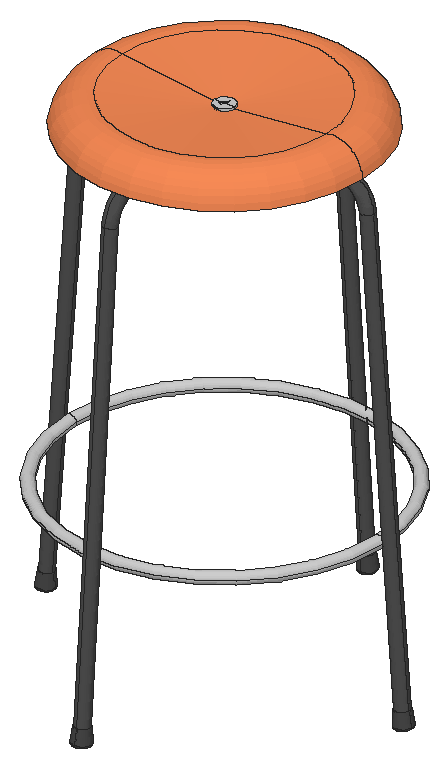
Revit family "Seating-LAMMHULTS-TABURETT-Height_63", category Furniture, Revit 2012
Parameters (values of type "Orange/Black")
  URL = "www.lammhults.se"
  Seat Material = Fabric - Orange - Corse
  Model = "TABURETT"
  Manufacturer = "LAMMHULTS"  # constant formula
  Keynote = "46.B"
  Frame Material = Colour - Black
  Description = "*Please enter mtrl description here for use in mto*"
  Content Author = "AEC AB"  # constant formula
  Assembly Code = "E2020"
Types (3, lengths in mm): name | Seat Material | Frame Material
  Orange/Black | Fabric - Orange - Corse | Colour - Black
  White/Chrome | Colour - White | Metal - Chrome - Polished
  Black/Chrome | Plastic - Black | Metal - Chrome - Polished
Reference planes
  plane 1 "Center (Front/Back)": y = 0
  plane 2: z = 0
  plane 3 "Center (Left/Right)": x = 0
  plane 4 "Seat_Top": z = 630
  plane 5: y = 245
  plane 6: y = -245
  plane 7: x = 245
  plane 8: x = -245
Forms (mm)
  Revolve 1, solid, material "Fabric - Orange - Corse" <- "Seat Material"
    sketch origin (0, 0, 179.788) x (1, 0, 0) y (0, 0, 1)
      loop
        arc (172.436, 413.579) -> (157.408, 440.973) -> (126.953, 447.954) r 38.156
        arc (126.953, 447.954) -> (69.831, 439.202) -> (12.157, 435.555) r 650.292
        line (12.157, 435.555) -> (12.157, 437.442) -> (0, 437.442) -> (0, 413.579) -> (172.436, 413.579)
      axis (0, 447.954) -> (0, 413.579)
    angle from 0 to 360
  Sweep 2, solid, material "Colour - Black" <- "Frame Material"
    path origin (0, 0, 179.788) x (-1, 0, 0) y (0, 0, 1)
      loop
        line (221.158, -159.57) -> (178.089, 379.156)
        arc (178.089, 379.156) -> (166.942, 402.082) -> (143.2, 411.366) r 35
        line (143.2, 411.366) -> (0, 411.366) -> (-143.2, 411.366)
        arc (-143.2, 411.366) -> (-166.942, 402.082) -> (-178.089, 379.156) r 35
        line (-178.089, 379.156) -> (-221.158, -159.57)
    profile origin (-71.6, 0, 591.154) x (0, 0, -1) y (0, 1, 0)
      loop
        circle (0, 0) r 8
  Extrusion 3, void
    sketch origin (0, 0, 617.23) x (1, 0, 0) y (0, 1, 0)
      loop
        line (1.353, 6.486) -> (-6.433, -1.299) -> (-1.274, -6.458) -> (1.399, -3.784) -> (-0.852, -1.533) -> (4.26, 3.579) -> (1.353, 6.486)
    from -1 to 3.852
  Revolve 4, solid, material "Plastic - Black"
    sketch origin (-2.441, 0, 5.242) x (0.999689, 0, 0.024941) y (-0.024941, 0, 0.999689)
      loop
        line (-218.275, 20.426) -> (-220.301, 1.154) -> (-210.966, 0.173)
        arc (-210.966, 0.173) -> (-209.816, 0.546) -> (-209.325, 1.651) r 1.486
        line (-209.325, 1.651) -> (-209.325, 19.485) -> (-218.275, 20.426)
      axis (-220.301, 1.154) -> (-218.275, 20.426)
    angle from 0 to 360
  Sweep 5, solid, material "Metal - Chrome - Polished"
    path origin (-191.636, 0, 195.917) x (0, -1, 0) y (1, 0, 0)
      loop
        circle (0, 191.636) r 191.636
    profile origin (0, -191.636, 195.917) x (0, -1, 0) y (0, 0, 1)
      loop
        circle (0, 0) r 7
  Revolve 6, solid, material "Plastic - Black"
    sketch origin (2.441, 0, 5.242) x (-0.999689, 0, 0.024941) y (-0.024941, 0, -0.999689)
      loop
        line (-218.275, -20.426) -> (-209.325, -19.485) -> (-209.325, -1.651)
        arc (-209.325, -1.651) -> (-209.816, -0.546) -> (-210.966, -0.173) r 1.486
        line (-210.966, -0.173) -> (-220.301, -1.154) -> (-218.275, -20.426)
      axis (-220.301, -1.154) -> (-218.275, -20.426)
    angle from 0 to 360
  Sweep 7, solid, material "Colour - Black" <- "Frame Material"
    path origin (0, 0, 179.788) x (0, -1, 0) y (0, 0, 1)
      loop
        line (221.158, -159.57) -> (178.089, 379.156)
        arc (178.089, 379.156) -> (166.942, 402.082) -> (143.2, 411.366) r 35
        line (143.2, 411.366) -> (0, 411.366) -> (-143.2, 411.366)
        arc (-143.2, 411.366) -> (-166.942, 402.082) -> (-178.089, 379.156) r 35
        line (-178.089, 379.156) -> (-221.158, -159.57)
    profile origin (0, -71.6, 591.154) x (0, 0, -1) y (-1, 0, 0)
      loop
        circle (0, 0) r 8
  Revolve 8, solid, material "Plastic - Black"
    sketch origin (0, -2.441, 5.242) x (0, 0.999689, 0.024941) y (0, -0.024941, 0.999689)
      loop
        line (-218.275, 20.426) -> (-220.301, 1.154) -> (-210.966, 0.173)
        arc (-210.966, 0.173) -> (-209.816, 0.546) -> (-209.325, 1.651) r 1.486
        line (-209.325, 1.651) -> (-209.325, 19.485) -> (-218.275, 20.426)
      axis (-220.301, 1.154) -> (-218.275, 20.426)
    angle from 0 to 360
  Revolve 9, solid, material "Plastic - Black"
    sketch origin (0, 2.441, 5.242) x (0, -0.999689, 0.024941) y (0, -0.024941, -0.999689)
      loop
        line (-218.275, -20.426) -> (-209.325, -19.485) -> (-209.325, -1.651)
        arc (-209.325, -1.651) -> (-209.816, -0.546) -> (-210.966, -0.173) r 1.486
        line (-210.966, -0.173) -> (-220.301, -1.154) -> (-218.275, -20.426)
      axis (-220.301, -1.154) -> (-218.275, -20.426)
    angle from 0 to 360
Cuts and joins
  Extrusion 3 cuts Revolve 1
  joined: Sweep 2, Sweep 7
Lines and regions (mm)
  Masking region 1
    outline origin (0, 0, 630) x (0, 1, 0) y (-1, 0, 0)
      loop
        arc (199.571, 13.091) -> (141.421, 141.421) -> (13.091, 199.571) r 200
        line (13.091, 199.571) -> (13.091, 231.404)
        arc (13.091, 231.404) -> (0, 244.496) -> (-13.091, 231.404) r 13.091
        line (-13.091, 231.404) -> (-13.091, 199.571)
        arc (-13.091, 199.571) -> (-141.421, 141.421) -> (-199.571, 13.091) r 200
        line (-199.571, 13.091) -> (-231.404, 13.091)
        arc (-231.404, 13.091) -> (-244.496, 0) -> (-231.404, -13.091) r 13.091
        line (-231.404, -13.091) -> (-199.571, -13.091)
        arc (-199.571, -13.091) -> (-141.421, -141.421) -> (-13.091, -199.571) r 200
        line (-13.091, -199.571) -> (-13.091, -231.404)
        arc (-13.091, -231.404) -> (0, -244.496) -> (13.091, -231.404) r 13.091
        line (13.091, -231.404) -> (13.091, -199.571)
        arc (13.091, -199.571) -> (141.421, -141.421) -> (199.571, -13.091) r 200
        line (199.571, -13.091) -> (231.404, -13.091)
        arc (231.404, -13.091) -> (244.496, 0) -> (231.404, 13.091) r 13.091
        line (231.404, 13.091) -> (199.571, 13.091)
  symbolic lines
    curve 1: arc (-199.571, 13.091, 630) -> (-200, 0, 630) -> (-199.571, -13.091, 630) r 200
    curve 2: arc (13.091, 199.571, 630) -> (0, 200, 630) -> (-13.091, 199.571, 630) r 200
    curve 3: arc (199.571, -13.091, 630) -> (200, 0, 630) -> (199.571, 13.091, 630) r 200
    curve 4: arc (-13.091, -199.571, 630) -> (0, -200, 630) -> (13.091, -199.571, 630) r 200
Dimensions and locks
  aligned and locked: level to plane 2
